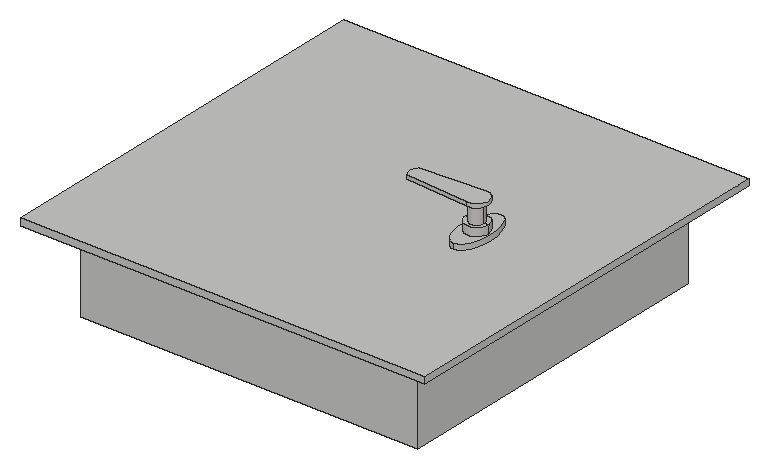
Revit family "Access_Panel-Wall_Door-Activar-Exterior_Access-XPA", category Doors, host Face, Revit 2012
Parameters (values of type "See Type Catalog")
  ecoScorecard_data = ""
  ecoScorecard Product Page = "http://ecoscorecard.com/"
  Width = 12"
  Warranty URL = "http://www.activarcpg.com/sites/default/files/warranty/jl-industries/JL%20AP%20Warranty.pdf"
  URL = "http://www.activarcpg.com/"
  Submittal URL = "http://www.activarcpg.com/sites/default/files/submittals/JL/Access%20Panels/Access%20Panel_XPA_and_XPS_submittal.pdf"
  Subcategory = "Access Panels"
  Shipping Weight = 11.00 lbf
  Rough Width = 10 3/8"
  Rough Height = 10 3/8"
  Product Page URL = "http://www.activarcpg.com/jl-industries/product/xpa-weather-resistant-flush-access-panel"
  Product Line = "Exterior Access Panels"
  Panel Type Use = "Weather-resistant Flush Access Panel for Walls or Ceilings"  # constant formula
  Options = "Optional Colors, Chrome-Plated Locking Handle (H3)."  # constant formula
  Number of Latches = 1
  Model = "XPA-1212"
  Manufacturer Toll Free Phone = "800-554-6077"
  Manufacturer Phone = "952-835-6850"
  Manufacturer Fax = "952-835-2218"
  Manufacturer Email = "mailto:Sales@activarcpg.com"
  Manufacturer Address = "9702 Newton Av S, Bloomington MN 55431"  # constant formula
  Manufacturer = "Activar Construction Products Group"  # constant formula
  Maitenance URL = "http://www.activarcpg.com/sites/default/files/InstallationMaint/JL/Access%20Panel%20Cleaning%20%26%20Maintenance.pdf"
  Installation URL = "http://www.activarcpg.com/sites/default/files/InstallationMaint/JL/Access_Panel_XPA-XPS_Series_Installation.pdf"
  Height = 12"
  Hardware = "Non-locking (H) Die Cast Zinc Handles for Exterior, Interior has Non-locking handle."
  Gasket = "EPDM Rubber Bulb Gasket"  # constant formula
  Frame = "16 Gauge Galvanized Steel Frame with 1\" Flange."
  Finish [instance] = Paint - Activar - Gray Powder Coat Primer
  Door = "2\" Thick Insulated .040 Aluminum Door with Continuous Stainless Steel Hinges and EPDM Foam Rubber Bulb Seal Gasketing."
  Description = "Weather-Resistant Flush Access Panel"
  Default Elevation = 48"
  Custom Size Note = "Custom sizes are available.  Contact manufacturer for availability."  # constant formula
  Cost Info = "mailto:Sales@activarcpg.com"
  Color Availability = "Red (R), Black (BK), Flat Black (FB), Sand (S), AMS Beige (AB), SC Flat Beige (SB), Gray (G), Bronze (B), Silver (SI)"  # constant formula
  Assembly Code = "C1020700"
  Additional Info URL = "http://www.activarcpg.com/sites/default/files/Specifications/Access%20Panels.doc"
  95 CSI = "08310"
  04 CSI = "08 31 16"
Reference planes (in)
  plane 1 "Center (Front/Back)": y = 0
  plane 2 "Bottom": z = 0
  plane 3 "Center (Left/Right)": x = 0
  plane 4 "Left Opening": x = -5.1875
  plane 5 "Right Opening": x = 5.1875
  plane 6 "Back Opening": y = 5.1875
  plane 7 "Front Opening": y = -5.1875
  plane 8: z = -24
  plane 9: z = 0
  plane 10 "Front Door": z = 0.2
  plane 11 "Bk": z = -2.5
  plane 12 "Top": y = 6
  plane 13 "Bttm": y = -6
  plane 14 "Left": x = -6
  plane 15 "Right": x = 6
  plane 16: x = -5
  plane 17: x = 5
  plane 18: y = -5
  plane 19: y = 5
  plane 20 "Front": z = 1.20712
  plane 21: x = 2.75
Forms (in)
  Extrusion 1, void
    sketch origin (0, 0, 0) x (1, 0, 0) y (0, 1, 0)
      loop
        line (-5.1875, 5.1875) -> (-5.1875, -5.1875) -> (5.1875, -5.1875) -> (5.1875, 5.1875) -> (-5.1875, 5.1875)
    from 0 to -24
  Extrusion 2, solid, material "Paint - Activar - Gray Powder Coat Primer" <- "Finish"
    sketch origin (0, 0, 0) x (1, 0, 0) y (0, 1, 0)
      loop
        line (-5, 5) -> (-5, -5) -> (5, -5) -> (5, 5) -> (-5, 5)
    from -2.5 to 0
  Extrusion 3, solid, material "Paint - Activar - Gray Powder Coat Primer" <- "Finish"
    sketch origin (0, 0, 0) x (1, 0, 0) y (0, 1, 0)
      loop
        line (-6, 6) -> (-6, -6) -> (6, -6) -> (6, 6) -> (-6, 6)
    from 0 to 0.2
  Revolve 4, solid, material "Paint - Activar - Gray Powder Coat Primer" <- "Finish", detail levels fine
    sketch origin (0, 0, 0) x (1, 0, 0) y (0, 0, 1)
      loop
        line (2.75, 1.10775) -> (2.75, 0.35298) -> (3.08961, 0.35298) -> (3.08961, 0.57566) -> (2.95513, 0.57566) -> (2.95513, 1.10775) -> (2.75, 1.10775)
      axis (2.75, 1.10775) -> (2.75, 0.35298)
    angle from 0 to 360
  Sweep 5, solid, material "Paint - Activar - Gray Powder Coat Primer" <- "Finish", detail levels fine
    path origin (0, 0, 0) x (1, 0, 0) y (0, 0, 1)
      loop
        line (2.75, 1.10775) -> (2.75, 1.20712)
    profile origin (2.75, 0, 1.15743) x (-1, 0, 0) y (0, -1, 0)
      loop
        arc (1.9063, -0.20718) -> (1.9784, 0) -> (1.9063, 0.20718) r 0.33375
        line (1.9063, 0.20718) -> (0.0239, 0.33964)
        arc (0.0239, 0.33964) -> (-0.34048, 0) -> (0.0239, -0.33964) r 0.34048
        line (0.0239, -0.33964) -> (1.9063, -0.20718)
  Sweep 6, solid, material "Paint - Activar - Gray Powder Coat Primer" <- "Finish", detail levels fine
    path origin (0, 0, 0) x (1, 0, 0) y (0, 0, 1)
      loop
        line (2.75, 0.35298) -> (2.75, 0.2)
    profile origin (2.75, 0, 0.27649) x (0, -1, 0) y (1, 0, 0)
      loop
        spline (0.87664, 0) -> (0.84677, 0.10827) -> (0.7592, 0.20916) -> (0.61988, 0.29579) -> (0.43832, 0.36227) -> (0.22689, 0.40406) -> (0, 0.41831) -> (-0.22689, 0.40406) -> (-0.43832, 0.36227) -> (-0.61988, 0.29579) -> (-0.7592, 0.20916) -> (-0.84677, 0.10827) -> (-0.87664, 0)
        spline (-0.87664, 0) -> (-0.84677, -0.10827) -> (-0.7592, -0.20916) -> (-0.61988, -0.29579) -> (-0.43832, -0.36227) -> (-0.22689, -0.40406) -> (0, -0.41831) -> (0.22689, -0.40406) -> (0.43832, -0.36227) -> (0.61988, -0.29579) -> (0.7592, -0.20916) -> (0.84677, -0.10827) -> (0.87664, 0)
Cuts and joins
  joined: Revolve 4, Sweep 5, Sweep 6
Lines and regions (in)
  Masking region 1
    outline origin (0, 0, 0) x (1, 0, 0) y (0, 0, 1)
      loop
        line (6, 0) -> (6, 0.2) -> (3.16936, 0.2) -> (3.16936, 0.35298) -> (3.09167, 0.35298) -> (3.09167, 0.57566) -> (2.95523, 0.57566) -> (2.95523, 1.10775) -> (3.10729, 1.10775) -> (3.10729, 1.20712) -> (0.77208, 1.20712) -> (0.77208, 1.10775) -> (2.54496, 1.10775) -> (2.54496, 0.57566) -> (2.40851, 0.57566) -> (2.40851, 0.35298) -> (2.33277, 0.35298) -> (2.33277, 0.2) -> (-6, 0.2) -> (-6, 0) -> (-5, 0) -> (-5, -2.5) -> (5, -2.5) -> (5, 0) -> (6, 0)
  model lines, detail levels medium+fine
    curve 1: line (-5, 5, 0.2) -> (5, 5, 0.2)
    curve 2: line (-5, -5, 0.2) -> (-5, 5, 0.2)
    curve 3: line (5, -5, 0.2) -> (-5, -5, 0.2)
    curve 4: line (5, 5, 0.2) -> (5, -5, 0.2)
  symbolic lines
    curve 5: line (2.33277, 0, 0.2) -> (3.16936, 0, 0.2)
  symbolic lines, detail levels medium+fine
    curve 6: line (-5.1875, 0, 0) -> (5.1875, 0, 0)
    curve 7: line (2.54496, 0, 0.57566) -> (2.95523, 0, 0.57566)
  symbolic lines, detail levels fine
    curve 8: line (2.40851, 0, 0.35298) -> (3.09167, 0, 0.35298)
    curve 9: line (2.54496, 0, 1.10775) -> (2.95523, 0, 1.10775)
    curve 10: line (-5, 5, 0.2) -> (5, 5, 0.2)
    curve 11: line (-5, -5, 0.2) -> (-5, 5, 0.2)
    curve 12: line (5, -5, 0.2) -> (-5, -5, 0.2)
    curve 13: line (5, 5, 0.2) -> (5, -5, 0.2)
Dimensions and locks (in)
  equal spacing: plane 4 "Left Opening", plane 3 "Center (Left/Right)", plane 5 "Right Opening"
  equal spacing: plane 6 "Back Opening", plane 1 "Center (Front/Back)", plane 7 "Front Opening"
  "Rough Width": plane 4 "Left Opening" to plane 5 "Right Opening"
  "Rough Height": plane 6 "Back Opening" to plane 7 "Front Opening"
  locked: plane 2 "Bottom" to plane 8 at 24
  equal spacing: plane 14 "Left", plane 3 "Center (Left/Right)", plane 15 "Right"
  equal spacing: plane 12 "Top", plane 1 "Center (Front/Back)", plane 13 "Bttm"
  "Height": plane 12 "Top" to plane 13 "Bttm"
  "Width": plane 14 "Left" to plane 15 "Right"
  plane 4 "Left Opening" to plane 16 = 3/16"
  locked: plane 17 to plane 5 "Right Opening" at 0.1875
  locked: plane 6 "Back Opening" to plane 19 at 0.1875
  locked: plane 18 to plane 7 "Front Opening" at 0.1875
  locked: plane 20 "Front" to plane 10 "Front Door" at 1.00712
  plane 20 "Front" to Revolve 4 sketch curve to Revolve 4 sketch curve to Revolve 4 sketch curve = 0.09937" locked, 0.53209" locked, 0.22268" locked
  locked: plane 10 "Front Door" to plane 9 at 0.2
  locked: plane 9 to plane 11 "Bk" at 2.5
  locked: plane 21 to plane 17 at 2.25
  aligned and locked: plane 2 "Bottom" to host face
  aligned and locked: level to host face
  aligned and locked: plane 4 "Left Opening" to Extrusion 1 sketch curve
  aligned and locked: Extrusion 1 sketch curve to plane 5 "Right Opening"
  aligned and locked: Extrusion 1 sketch curve to plane 6 "Back Opening"
  aligned and locked: plane 7 "Front Opening" to Extrusion 1 sketch curve
  aligned and locked: Extrusion 1 to plane 8
  aligned and locked: plane 2 "Bottom" to Extrusion 1
  aligned and locked: plane 9 to Extrusion 2
  aligned and locked: Extrusion 2 to plane 11 "Bk"
  aligned and locked: Extrusion 3 sketch curve to plane 15 "Right"
  aligned and locked: plane 13 "Bttm" to Extrusion 3 sketch curve
  aligned and locked: plane 14 "Left" to Extrusion 3 sketch curve
  aligned and locked: Extrusion 3 sketch curve to plane 12 "Top"
  aligned and locked: plane 10 "Front Door" to Extrusion 3
  aligned and locked: Extrusion 3 to plane 9
  aligned and locked: plane 16 to curve 2
  aligned and locked: curve 1 to plane 19
  aligned and locked: curve 4 to plane 17
  aligned and locked: plane 18 to curve 3
  aligned and locked: plane 20 "Front" to Sweep 5 sketch curve
  aligned and locked: plane 1 "Center (Front/Back)" to Sweep 5 sketch curve
  aligned and locked: plane 10 "Front Door" to Sweep 6 sketch curve
  aligned and locked: plane 1 "Center (Front/Back)" to Sweep 6 sketch curve
  aligned and locked: plane 20 "Front" to Masking region 1
  aligned and locked: plane 15 "Right" to Masking region 1
  aligned and locked: Masking region 1 to plane 14 "Left"
  aligned and locked: Masking region 1 to plane 11 "Bk"
  aligned and locked: Masking region 1 to plane 2 "Bottom"
  aligned and locked: Revolve 4 sketch curve to plane 21  (x2)
  aligned and locked: plane 21 to Sweep 5 sketch curve
  aligned and locked: curve 9 to cut or joined group of Revolve 4, Sweep 5, Sweep 6
  aligned and locked: curve 9 to Masking region 1
  aligned and locked: Masking region 1 to curve 9
  aligned and locked: curve 7 to cut or joined group of Revolve 4, Sweep 5, Sweep 6
  aligned and locked: Masking region 1 to curve 7
  aligned and locked: curve 7 to Masking region 1
  aligned and locked: cut or joined group of Revolve 4, Sweep 5, Sweep 6 to curve 8
  aligned and locked: Masking region 1 to curve 8
  aligned and locked: curve 8 to Masking region 1
  aligned and locked: curve 5 to plane 10 "Front Door"
  aligned and locked: Masking region 1 to curve 5
  aligned and locked: curve 5 to Masking region 1
  aligned and locked: Masking region 1 sketch curve to plane 16
  aligned and locked: Masking region 1 sketch curve to plane 17
  aligned and locked: plane 16 to Extrusion 2 sketch curve
  aligned and locked: plane 18 to Extrusion 2 sketch curve
  aligned and locked: Extrusion 2 sketch curve to plane 17
  aligned and locked: Extrusion 2 sketch curve to plane 19
  aligned and locked: plane 10 "Front Door" to Masking region 1
  aligned and locked: plane 16 to nested 1
  aligned and locked: plane 5 "Right Opening" to nested 1
  aligned and locked: nested 1 to plane 10 "Front Door"
Automatic sketch dimensions
  host sketch curve to host sketch curve = 22.58722"
  host sketch curve to host sketch curve = 21.66233"
  Sweep 5 sketch curve to plane 20 "Front" = 0.09937"
  plane 1 "Center (Front/Back)" to Sweep 5 sketch curve = 0"
  Sweep 5 sketch curve to profile plane = 0.0239"  (x2)
  Sweep 5 sketch curve to Sweep 5 sketch curve = 1.62075"
  Sweep 5 sketch curve to Sweep 5 sketch curve = 0.26165"
  plane 1 "Center (Front/Back)" to Sweep 5 sketch curve = 0.20718"
  Sweep 5 sketch curve to plane 1 "Center (Front/Back)" = 0.20718"
  Sweep 5 sketch curve to plane 1 "Center (Front/Back)" = 0.33964"
  plane 10 "Front Door" to Sweep 6 sketch curve = 0.15298"
  plane 1 "Center (Front/Back)" to Sweep 6 sketch curve = 0.87664"
  Sweep 5 sketch curve to profile plane = 0"
  Sweep 6 sketch curve to plane 21 = 0"
  Sweep 6 sketch curve to profile plane = 0"
  plane 21 to Revolve 4 sketch curve = 0.20513"
  Revolve 4 sketch curve to Revolve 4 sketch curve = 0.13448"
  Revolve 4 sketch curve to level = 0.25037"
  Revolve 4 sketch curve to Revolve 4 sketch curve = 0"
  Masking region 1 sketch curve to level = 0"  (x2)
  Masking region 1 sketch curve to plane 14 "Left" = 0"
  Masking region 1 sketch curve to plane 20 "Front" = 0"
  Masking region 1 sketch curve to plane 10 "Front Door" = 0"  (x2)
  Masking region 1 sketch curve to plane 15 "Right" = 0"
  Masking region 1 sketch curve to plane 11 "Bk" = 0"
  Masking region 1 sketch curve to plane 21 = 1.97792"
  Masking region 1 sketch curve to plane 21 = 0.41723"
  Masking region 1 sketch curve to Masking region 1 sketch curve = 0.07574"
  Masking region 1 sketch curve to plane 20 "Front" = 0.09937"  (x2)
  Masking region 1 sketch curve to plane 21 = 0.20504"
  plane 21 to Masking region 1 sketch curve = 0.20523"
  Masking region 1 sketch curve to Masking region 1 sketch curve = 0.13644"
  Masking region 1 sketch curve to Masking region 1 sketch curve = 0.15207"
  Masking region 1 sketch curve to Masking region 1 sketch curve = 0.07769"
  plane 10 "Front Door" to Masking region 1 sketch curve = 0.15298"  (x2)
  Masking region 1 sketch curve to Masking region 1 sketch curve = 0.22268"  (x2)
  curve 6 to level = 0"
  curve 6 to plane 4 "Left Opening" = 0"
  curve 6 to plane 5 "Right Opening" = 0"
Nested families (in)
  nested 1: "Access_Panel-Door-Plan_Swing-2D" at (0.09375, 0, 0.2) x (1, 0, 0) z (0, -1, 0), type "Access_Panel-Door-Plan_Swing-2D"
    with Door Width 10 3/16"
Definition of nested family "Access_Panel-Door-Plan_Swing-2D"
  Parameters (values of type "Access_Panel-Door-Plan_Swing-2D")
    Door Width [instance] = 13 1/2"
  Reference planes (in)
    plane 1 "Center (Front/Back)": y = 0
    plane 2: z = 0
    plane 3 "Center (Left/Right)": x = 0
    plane 4: x = -6.75
    plane 5: x = 6.75
  Lines and regions (in)
    detail lines, in view "Ref. Level"
      curve 1: line (-6.75, 0, 0) -> (-6.75, 13.5, 0)
      curve 2: arc (-6.75, 13.5, 0) -> (2.79594, 9.54594, 0) -> (6.75, 0, 0) r 13.5
  Dimensions and locks (in)
    equal spacing: plane 4, plane 3 "Center (Left/Right)", plane 5
    "Door Width": plane 4 to plane 5
    aligned and locked: plane 1 "Center (Front/Back)" to curve 2  (x2)
    aligned and locked: plane 4 to curve 2  (x2)
    aligned and locked: plane 1 "Center (Front/Back)" to curve 1
    aligned and locked: plane 5 to curve 2
    aligned and locked: plane 4 to curve 1
Types in the file's own list only (16): name | Width | Shipping Weight | Rough Width | Rough Height | Number of Latches | Model | Height
  12 x 12 | 14" | 11.00 lb | 12 3/8" | 12 3/8" | 1 | "XPA-1212" | 14"
  14 x 14 | 16" | 15.00 lb | 14 3/8" | 14 3/8" | 1 | "XPA-1414" | 16"
  18 x 18 | 20" | 19.00 lb | 18 3/8" | 18 3/8" | 1 | "XPA-1818" | 20"
  20 x 24 | 22" | 30.00 lb | 20 3/8" | 24 3/8" | 1 | "XPA-2024" | 26"
  20 x 30 | 22" | 32.00 lb | 20 3/8" | 30 3/8" | 1 | "XPA-2030" | 32"
  22 x 30 | 24" | 34.00 lb | 22 3/8" | 30 3/8" | 1 | "XPA-2230" | 32"
  22 x 36 | 24" | 40.00 lb | 22 3/8" | 36 3/8" | 2 | "XPA-2236" | 38"
  24 x 24 | 26" | 27.00 lb | 24 3/8" | 24 3/8" | 2 | "XPA-2424" | 26"
  24 x 30 | 26" | 40.00 lb | 24 3/8" | 30 3/8" | 2 | "XPA-2430" | 32"
  24 x 36 | 26" | 42.00 lb | 24 3/8" | 36 3/8" | 2 | "XPA-2436" | 38"
  24 x 48 | 26" | 57.00 lb | 24 3/8" | 48 3/8" | 2 | "XPA-2448" | 50"
  30 x 30 | 32" | 44.00 lb | 30 3/8" | 30 3/8" | 2 | "XPA-3030" | 32"
  30 x 36 | 32" | 56.00 lb | 30 3/8" | 36 3/8" | 2 | "XPA-3036" | 38"
  36 x 36 | 38" | 61.00 lb | 36 3/8" | 36 3/8" | 2 | "XPA-3636" | 38"
  36 x 48 | 38" | 75.00 lb | 36 3/8" | 48 3/8" | 2 | "XPA-3648" | 50"
  48 x 48 | 50" | 108.00 lb | 48 3/8" | 48 3/8" | 4 | "XPA-4848" | 50"
